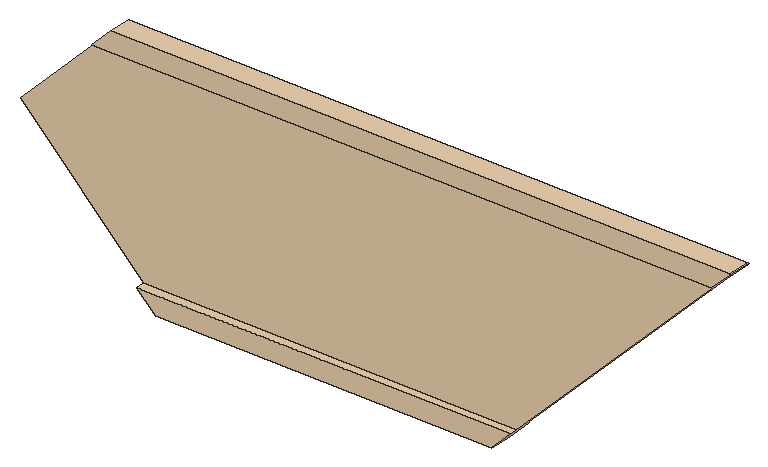
Revit family "061733 - Wood I-Joists - Generic - Truncated Ends", category Structural Framing, Revit 2020
Family settings
  Structural Framing Length Roundoff = 0' - 0"
  Section Shape = Not Defined
  Material for Model Behavior = Wood
  Always export as geometry = No
  OmniClass Number = 23.25.30.11.14.14
  OmniClass Title = Beams
  Always vertical = Yes
  Cut with Voids When Loaded = No
  Symbolic Representation = From Project Settings
  Shared = No
  Show family pre-cut in plan views = Yes
Parameters (values of type "16"")
  Structural Material = TJI JOISTS (R30 INSULATION)
  Start Angle 2 = 45.00°
  Leading Edge at Start = 0' - 6 1/2"
  Start Angle 1 = 45.00°
  Leading Edge at End = 0' - 0 1/32"
  End Angle 2 = 45.00°
  End Angle 1 = 45.00°
  Chord Height = 0' - 1 1/4"
  Assembly Code = "B10"
  Length [instance] = 5' - 0"
  b = 0' - 1 1/2"
  d = 1' - 4"
Types (4): name | d
  16" | 1' - 4"
  14" | 1' - 2"
  11 7/8" | 0' - 11 7/8"
  9 1/4" | 0' - 9 1/4"
Reference planes (in)
  plane 1 "Center (Front/Back)": y = -0.06863
  plane 2: z = 0
  plane 3 "Center (Left/Right)": x = 0.1815
  plane 4 "Member Left": x = -23.8185
  plane 5 "Member Right": x = 24.1815
  plane 6: y = 0.68137
  plane 7: y = -0.81863
  plane 8: z = 8
  plane 9: z = -8
  plane 10 "Left": x = -29.8185
  plane 11 "Stick Symbol Left": x = -17.8185
  plane 12 "Stick Symbol Right": x = 18.1815
  plane 13 "Right": x = 30.1815
  plane 14: z = 1.5
  plane 15: y = -0.25613
  plane 16: y = 0.11887
  plane 17: z = -6.75
  plane 18: z = 6.75
  plane 19: z = 7.96875
Forms (in)
  Sweep 1, solid, material "TJI JOISTS (R30 INSULATION)" <- "Structural Material", detail levels medium+fine
    path origin (0, 0, 0) x (1, 0, 0) y (0, 1, 0)
      loop
        line (24.1815, -0.06863) -> (-23.8185, -0.06863)
    profile origin (0.1815, -0.06863, 0) x (0, -1, 0) y (0, 0, 1)
      loop
        line (-0.75, 8) -> (-0.75, 6.75) -> (-0.1875, 6.75) -> (-0.1875, -6.75) -> (-0.75, -6.75) -> (-0.75, -8) -> (0.75, -8) -> (0.75, -6.75) -> (0.1875, -6.75) -> (0.1875, 6.75) -> (0.75, 6.75) -> (0.75, 8) -> (-0.75, 8)
  Extrusion 2, void
    sketch origin (0, -0.06863, 0) x (1, 0, 0) y (0, 0, 1)
      loop
        line (8.21275, -8) -> (35.15126, -8) -> (35.15126, 8) -> (24.15025, 8) -> (24.1815, 7.96875) -> (8.21275, -8)
    from -0.75 to 0.75
  Extrusion 3, void
    sketch origin (0.363, -0.06863, 0) x (-1, 0, 0) y (0, 0, -1)
      loop
        line (14.6815, 8) -> (24.1815, -1.5) -> (17.6815, -8) -> (35.15126, -8) -> (35.15126, 8) -> (14.6815, 8)
    from -0.75 to 0.75
Cuts and joins
  Extrusion 2, Extrusion 3 cuts Sweep 1
Lines and regions (in)
  reference lines
    curve 1: line (-23.8185, -0.06863, 1.5) -> (-6.77428, -0.06863, -15.54422)
    curve 2: line (-23.8185, -0.06863, 1.5) -> (-11.90398, -0.06863, 13.41452)
    curve 3: line (24.1815, -0.06863, 7.96875) -> (6.62976, -0.06863, -9.58299)
    curve 4: line (24.1815, -0.06863, 7.96875) -> (11.98391, -0.06863, 20.16634)
Dimensions and locks (in)
  "b": plane 6 to plane 7
  "d": plane 9 to plane 8
  equal spacing: plane 9, plane 2, plane 8
  equal spacing: plane 6, plane 1 "Center (Front/Back)", plane 7
  "Length": plane 10 "Left" to plane 13 "Right"
  "Leading Edge at Start": plane 14 to plane 8
  equal spacing: plane 16, plane 1 "Center (Front/Back)", plane 15
  plane 16 to plane 15 = 0' - 0 3/8"
  "Chord Height": plane 18 to plane 8
  "Chord Height": plane 9 to plane 17
  "Leading Edge at End": plane 8 to plane 19
  "Start Angle 1": angle plane 4 "Member Left" to curve 1
  "Start Angle 2": angle curve 2 to plane 4 "Member Left"
  "End Angle 2": angle plane 5 "Member Right" to curve 4
  "End Angle 1": angle curve 3 to plane 5 "Member Right"
  aligned and locked: Sweep 1 sketch curve to plane 1 "Center (Front/Back)"
  aligned and locked: plane 4 "Member Left" to Sweep 1 sketch curve
  aligned and locked: plane 5 "Member Right" to Sweep 1 sketch curve
  aligned and locked: plane 6 to Extrusion 2
  aligned and locked: Extrusion 2 to plane 7
  aligned and locked: Extrusion 2 to plane 8
  aligned and locked: plane 9 to Extrusion 2
  aligned and locked: Extrusion 3 sketch curve to plane 8
  aligned and locked: Extrusion 3 sketch curve to curve 1
  aligned and locked: plane 9 to Extrusion 3 sketch curve
  aligned and locked: Extrusion 3 to plane 7
  aligned and locked: plane 6 to Extrusion 3
  aligned and locked: plane 8 to Sweep 1 sketch curve
  aligned and locked: Sweep 1 sketch curve to plane 6  (x2)
  aligned and locked: plane 7 to Sweep 1 sketch curve  (x2)
  aligned and locked: Sweep 1 sketch curve to plane 9
  aligned and locked: Sweep 1 sketch curve to plane 16
  aligned and locked: plane 15 to Sweep 1 sketch curve
  aligned and locked: Sweep 1 sketch curve to plane 18  (x2)
  aligned and locked: plane 17 to Sweep 1 sketch curve  (x2)
  aligned and locked: Extrusion 3 sketch curve to curve 2
  aligned and locked: Extrusion 2 sketch curve to curve 4
  aligned and locked: Extrusion 2 sketch curve to plane 9
  aligned and locked: plane 8 to Extrusion 2 sketch curve
  aligned and locked: Extrusion 2 sketch curve to curve 3
Automatic sketch dimensions
  Extrusion 3 sketch curve to plane 10 "Left" = 0' - 4.96976"
  Extrusion 2 sketch curve to plane 13 "Right" = 0' - 4.96976"
  plane 4 "Member Left" to curve 2 = 0' - 0"
  plane 5 "Member Right" to curve 4 = 0' - 0"
  curve 2 to plane 14 = 0' - 0"
  curve 3 to plane 19 = 0' - 0"
